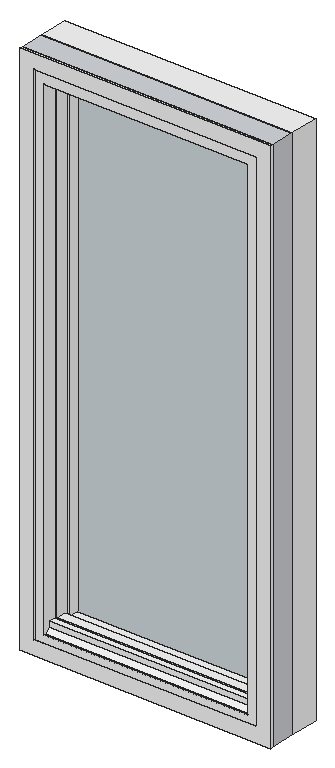
Revit family "085000 - Windows - Casement or Awning", category Generic Models, host Wall, Revit 2020
Family settings
  Host = Wall
  Can host rebar = No
  Round Connector Dimension = Use Diameter
  Part Type = Normal
  OmniClass Number = 23.30.20.17.21.14
  OmniClass Title = Casement Windows
  Always vertical = Yes
  Cut with Voids When Loaded = No
  Shared = No
  Room Calculation Point = No
Parameters (values of type "18x38")
  XPanelWidth = Width - 0' 0 31/32"  # 1' - 6 17/32"
  XPanelHeight = Height - 0' 1 1/8"  # 3' - 4 7/8"
  Width = 1' - 7 1/2"
  WS_Width_(SFT) = Width  # 1' - 7 1/2"
  WS_Height_(SFT) = Height  # 3' - 6"
  Visual Light Transmittance = 0.48  # constant formula
  Thermal Resistance (R) = 0.62871  # 3.5700 (h·ft²·°F)/BTU
  TFL = if(Fractional Lights High > 5, 3, if(or(Fractional Lights High = 4, Fractional Lights High = 5), 2, if(or(Fractional Lights High = 2, Fractional Lights High = 3), 1, 1)))  # 2
  TFB = TFL - 1  # 1
  Symbol_Casework_Visibility = yes
  Symbol_Awning_Visibility = no
  Solar Heat Gain Coefficient = 0.21  # constant formula
  Rough Width = Width + (Rough Opening Offset * 2)  # 1' - 8"
  Rough Height = Height + (Rough Opening Offset * 2)  # 3' - 6 1/2"
  Learn About These Parameters = "http://www.andersenwindows.com/for-professionals/cad-symbols-bim-support-window-doors/bim-support"
  LWide = if(Enter Pattern Number = 3, 3, if(Enter Pattern Number = 1, . . Lights Wide, Fractional Lights Wide))  # 1
  Height = 3' - 6"
  Heat Transfer Coefficient (U) = 1.5899  # constant formula
  Handing Visibility = if(and(Width > 4' 11 7/8", Height > 2' 7 1/2"), 0 = 1, 1 = 1)  # yes
  Glazing Material = INSULATED GLAZING
  Fractional Lights Wide = 3
  Fractional Lights High = 5
  Exterior Unit Finish = _DESIGN TRIM - WHITE
  Enter Jamb Condition = 2
  Default Elevation = 0' - 0"
  ..Jamb Condition Number 1 = "Extension Jamb Only"  # constant formula
  ..Jamb Condition Number 2 = "Narrow Drywall Return"  # constant formula
  ..Jamb Condition Number 3 = "Wide Drywall Return"  # constant formula
  Available Grille Bar Sizes = "3/4'', 7/8'', 1 1/8'', 2 1/4''"  # constant formula
  Between Glass Grille Bar Sizes = "3/4'', 1''"  # constant formula
  Interior Casing = yes
  Grille Bar Size = 0' - 0 7/8"
  Enter Pattern Number = 1
  ..Pattern Number 1 = "Colonial"  # constant formula
  . . Lights Wide = 1
  . . Lights High = 1
  ..Pattern Number 2 = "Modified Colonial"  # constant formula
  ..Pattern Number 3 = "Prairie"  # constant formula
  ..Pattern Number 4 = "Short Fractional"  # constant formula
  ..Pattern Number 5 = "Tall Fractional"  # constant formula
  Extension Jamb = yes
  Enter Exterior Trim Number = 0
  ..Exterior Trim Number 0 = "No Exterior Trim"  # constant formula
  ..Exterior Trim Number 1 = "Brick Mould"  # constant formula
  ..Exterior Trim Number 2 = "3 1/2'' Flat Casing"  # constant formula
  ..Exterior Trim Number 3 = "4 1/2'' Flat Casing"  # constant formula
  Interior Grille Bar = yes
  Exterior Grille Bar = yes
  Between Glass Grille Bar = yes
  xjamb Visibility [instance] = and(and(Enter Jamb Condition = 1, Wall Depth > 0' 2 7/8"), Extension Jamb)  # no
  xjamb S1 [instance] = if(Wall Depth > 0' 3", Wall Depth - 0' 2 27/32", 0' 3")  # 0' - 1 23/32"
  sill nose1 = 0' - 1 13/16"  # constant formula
  sill nose 2 = 0' - 1 15/16"  # constant formula
  casingS2 = if(Enter Exterior Trim Number = 1, 0' 0 3/16", 0' 0 3/16")  # 0' - 0 3/16"
  casingS1 = if(Enter Exterior Trim Number = 1, 0' 0 7/16", 0' 0 3/16")  # 0' - 0 3/16"
  casing4 = if(Enter Exterior Trim Number = 1, 0' 1 3/4", if(Enter Exterior Trim Number = 2, 0' 3 1/4", 0' 4 1/4"))  # 0' - 4 1/4"
  casing3 = 0' - 0 1/2"  # constant formula
  casing2 = 0' - 0 7/8"  # constant formula
  casing1 = 0' - 0 1/4"  # constant formula
  Xjamb 2 = if(or(Enter Jamb Condition = 2, Enter Jamb Condition = 3), 0' 0 1/32", 0' 0 1/2")  # 0' - 0 1/32"
  Xjamb 1 = if(or(Enter Jamb Condition = 2, Enter Jamb Condition = 3), 0' 0 5/8", 0' 1 3/32")  # 0' - 0 5/8"
  Wall Thickness [instance] = 0' - 6"
  Wall Depth [instance] = 0' - 4 9/16"
  Void Offset 2 = if(Enter Exterior Trim Number > 0, 0' 1 15/16", 0' 0")  # 0' - 0"
  Void Offset 1 = if(Enter Exterior Trim Number > 0, casing4, 0' 0")  # 0' - 0"
  Void Depth [instance] = if(Wall Thickness > Wall Depth, 0' 1" + Wall Thickness - Wall Depth, 0' 1")  # 0' - 2 7/16"
  VeriLock Sensor [instance] = no
  VGB DLO = if(Enter Pattern Number = 3, 0' 4", (H DLO - (Grille Bar Size * (V Bars))) / if(LWide > 2, LWide, 3))  # 0' - 4.41667"
  V Bars = if(Enter Pattern Number = 3, 2, if(LWide > 2, LWide - 1, 2))  # 2
  URL = "www.andersenwindows.com"
  Type Comments = "Vinyl-clad wood awning window"
  TS V DLO = Height - HGO - SGO  # 3' - 1 3/8"
  TS V Bar Length = if(or(Enter Pattern Number = 5, Enter Pattern Number = 2), ((((Height - HGO - SGO - (Grille Bar Size * (Fractional Lights High - 1))) / Fractional Lights High)) * TFL) + (TFB * Grille Bar Size), if(Enter Pattern Number = 4, ((Height - HGO - SGO - (Grille Bar Size * (Fractional Lights High - 1))) / Fractional Lights High), Height - HGO - SGO))  # 3' - 1 3/8"
  TS SH DLO = if(or(Enter Pattern Number = 5, Enter Pattern Number = 2), ((((Height - HGO - SGO - (Grille Bar Size * (Fractional Lights High - 1))) / Fractional Lights High)) * TFL) + (TFB * Grille Bar Size) + HGO + (Grille Bar Size / 2), if(Enter Pattern Number = 4, TS V Bar Length + HGO + (Grille Bar Size / 2), (TS V DLO / 2) + HGO))  # 1' - 9 1/16"
  TS S V = or(and(LWide = 2, Enter Pattern Number = 1), and(Fractional Lights Wide = 2, or(or(Enter Pattern Number = 2, Enter Pattern Number = 4), Enter Pattern Number = 5)))  # no
  TS S H Craftsman = and(Enter Pattern Number = 2, or(Fractional Lights High = 4, Fractional Lights High = 5))  # no
  TS S H = or(or(or(and(. . Lights High = 2, Enter Pattern Number = 1), and(Enter Pattern Number = 4, Fractional Lights High > 1)), and(Enter Pattern Number = 5, Fractional Lights High > 1)), and(Enter Pattern Number = 2, Fractional Lights High > 1))  # no
  TS M V = LWide > 2  # no
  TS M H = or(or(Enter Pattern Number = 3, and(. . Lights High > 2, Enter Pattern Number = 1)), and(Enter Pattern Number = 2, Fractional Lights High > 5))  # no
  TS HGB DLO = if(Enter Pattern Number = 1, if(. . Lights High > 2, ((TS V Bar Length - (Grille Bar Size * (. . Lights High - 1))) / . . Lights High), 0' 4"), if(Enter Pattern Number = 3, 0' 4", if(Fractional Lights High > 2, ((TS V Bar Length - (Grille Bar Size * 2)) / 3), 0' 4")))  # 0' - 4"
  TS H Bars = if(Enter Pattern Number = 3, 2, if(Enter Pattern Number = 1, if(. . Lights High > 2, . . Lights High - 1, 2), 2))  # 2
  Step Visibility = or(Enter Jamb Condition = 2, Enter Jamb Condition = 3)  # yes
  Step Jamb2 = if(Enter Jamb Condition = 2, 0' 0 1/4", 0' 0 13/16")  # 0' - 0 1/4"
  Step Jamb1 = 0' - 1 1/8"  # constant formula
  Sill Stop Dim [instance] = 0' - 2 1/2"
  SGO = 0' - 2 1/4"  # constant formula
  Rough Opening Offset = 0' - 0 1/4"
  Push Out Stop Visibility [instance] = no
  Product Documentation Link = "https://www.andersenwindows.com/windows-and-doors/windows/awning-windows/400-series-awning-window/"
  Plan Exterior Mask Visibility [instance] = Plan Exterior Mask 2 > 0' 0 1/32"  # yes
  Plan Exterior Mask 2 [instance] = if(Enter Exterior Trim Number > 0, if(Wall Depth + 0' 1 1/16" + casingS1 > Wall Thickness, 0' 0 1/32", Wall Thickness - Wall Depth - 0' 1 1/16" - casingS1), if(Wall Depth + 0' 1 1/16" > Wall Thickness, 0' 0 1/32", Wall Thickness - Wall Depth - 0' 0 1/16"))  # 0' - 1 3/8"
  Plan Exterior Mask [instance] = if(Enter Exterior Trim Number > 0, 0' 1 1/16" + casingS1, 0' 1 1/16")  # 0' - 1 1/16"
  Nail Fin Visibility = Enter Exterior Trim Number = 0  # yes
  Model = "400-Series Awning"  # constant formula
  Masonry Width = if(Enter Exterior Trim Number > 0, Width + ((casing4 + Masonry Opening Offset) * 2), Width + (Masonry Opening Offset * 2))  # 1' - 8"
  Masonry Opening Offset = 0' - 0 1/4"
  Masonry Height = if(Enter Exterior Trim Number > 0, Height + (casing4 + Masonry Opening Offset) + (sill nose 2 + Masonry Opening Offset), Height + (Masonry Opening Offset * 2))  # 3' - 6 1/2"
  Manufacturer = "Andersen Corporation"  # constant formula
  JGO = 0' - 2 1/4"  # constant formula
  Interior Trim Visibility = and(Enter Jamb Condition = 1, Interior Casing)  # no
  Interior Material = _DESIGN TRIM - WHITE
  Interior Casing Size = 0' - 2 1/4"
  Horizontal Craftsman Bar Size = 0' - 0 7/8"
  Head Stop Dim [instance] = 0' - 2 17/64"
  HGO = 0' - 2 3/8"  # constant formula
  H DLO = Width - (JGO * 2)  # 1' - 3"
  Family Version = "01.01.19"  # constant formula
  Exterior Trim Finish = _DESIGN TRIM - WHITE
  Designation = "CMT"
  Description = "Vinyl-clad wood awning window"  # constant formula
  Default Sill Height = 6' 10 1/2" - Rough Height  # 3' - 4"
  Wall Closure = By host
  Crank Out Stop Visibility [instance] = yes
  Coarse Plan [instance] = if(Wall Depth < Wall Thickness, Wall Depth, Wall Thickness)  # 0' - 4 9/16"
  Casing Visibility = Enter Exterior Trim Number > 0  # no
  Between Glass Grille Bar Finish = _DESIGN TRIM - WHITE
  Bar Center Line = if(Enter Pattern Number = 3, 1, 2)  # 2
  Assembly Code = "B2020100"
Reference planes (in)
  plane 1 "Center (Front/Back)": y = 0
  plane 2: z = 0
  plane 3 "Center (Left/Right)": x = 0
  plane 4 "R Frame": x = -9.75
  plane 5 "L Frame": x = 9.75
  plane 6 "B Frame": z = 40.25
  plane 7 "T Frame": z = 82.25
  plane 8 "L Glazing": x = 7.5
  plane 9 "L Ext Frame": x = 9.264
  plane 10 "L Stop": x = 7.75
  plane 11 "L Xjamb 1": x = 9.125
  plane 12 "L Casing 1": x = 9.5
  plane 13 "L Xjamb 2": x = 9.71875
  plane 14 "L Rough Opening": x = 10
  plane 15 "L Casing 2": x = 13.125
  plane 16 "L Casing 3": x = 13.5
  plane 17 "L Casing 4": x = 14
  plane 18 "R Glazing": x = -7.5
  plane 19 "R Ext Frame": x = -9.264
  plane 20 "R Stop": x = -7.75
  plane 21 "R Xjamb 1": x = -9.125
  plane 22 "R Casing 1": x = -9.5
  plane 23 "R Xjamb 2": x = -9.71875
  plane 24 "R Rough Opening": x = -10
  plane 25 "R Casing 2": x = -13.125
  plane 26 "R Casing 3": x = -13.5
  plane 27 "R Casing 4": x = -14
  plane 28 "R Int Casing": x = -11.375
  plane 29 "T Ext Frame": z = 81.68689
  plane 30 "T Xjamb 1": z = 81.625
  plane 31 "T Casing 1": z = 82
  plane 32 "T Xjamb 2": z = 82.21875
  plane 33 "T Rough Opening": z = 82.5
  plane 34 "T Casing 2": z = 85.625
  plane 35 "T Casing 3": z = 86
  plane 36 "T Casing 4": z = 86.5
  plane 37 "T Int Casing": z = 83.875
  plane 38 "B Ext Frame": z = 40.81311
  plane 39 "B Xjamb 2": z = 40.28125
  plane 40 "B Casing 1": z = 40.5
  plane 41 "B Casing 2": z = 38.3125
  plane 42 "B Int Casing": z = 38.985
  plane 43 "L Int Casing": x = 11.375
  plane 44 "Casing S1": y = 3.062
  plane 45 "Casing S2": y = 3.062
  plane 46 "Frame S1": y = 2.8745
  plane 47 "Flange": y = 1.5625
  plane 48 "Sash1 S2": y = 0.5625
  plane 49 "Frame S2": y = -1.2855
  plane 50 "B Xjamb 1": z = 41.235
  plane 51 "Exterior Offset": y = 4
  plane 52 "Interior Casing": y = -3.625
  plane 53 "B Rough Opening": z = 40
  plane 54 "R Masonry Opening": x = -14.25
  plane 55 "L Masonry Opening": x = 14.25
  plane 56 "T Masonry Opening": z = 86.75
  plane 57 "B Masonry Opening": z = 38.0625
  plane 58 "Xjamb S1": y = -1.28125
  plane 59 "R Sash": x = -9.17
  plane 60 "L Sash": x = 9.17
  plane 61 "Stop S1": y = -1.4375
  plane 62 "T Sash": z = 81.5
  plane 63 "T Int Frame": z = 81.14
  plane 64 "B Int Frame": z = 41.235
  plane 65 "L Int Frame": x = 8.641
  plane 66 "R Int Frame": x = -8.641
  plane 67 "T Stop": z = 79.98437
  plane 68 "B Stop": z = 42.75
  plane 69 "2": z = 34.735
  plane 70 "3": z = 61.25
Forms (in)
  Extrusion 1, void
    sketch origin (0, 0, 0) x (1, 0, 0) y (0, 0, 1)
      loop
        line (9.75, 82.25) -> (-9.75, 82.25) -> (-9.75, 40.25) -> (9.75, 40.25) -> (9.75, 82.25)
    from -1.5625 to 3
  Extrusion 2, void
    sketch origin (0, 0, 0) x (1, 0, 0) y (0, 0, 1)
      loop
        line (9.75, 82.25) -> (-9.75, 82.25) -> (-9.75, 40.25) -> (9.75, 40.25) -> (9.75, 82.25)
    from -15 to -1.5625
  Extrusion 3, solid, material "_DESIGN TRIM - WHITE" <- "Interior Material", visible <- "xjamb Visibility"
    sketch origin (0, -2.5625, 0) x (-1, 0, 0) y (0, 0, 1)
      loop
        line (9.71875, 82.21875) -> (-9.71875, 82.21875) -> (-9.71875, 40.28125) -> (9.71875, 40.28125) -> (9.71875, 82.21875)
      loop
        line (9.125, 81.625) -> (-9.125, 81.625) -> (-9.125, 41.235) -> (9.125, 41.235) -> (9.125, 81.625)
    from 1.28125 to -0.4375
  Extrusion 4, solid, material "_DESIGN TRIM - WHITE" <- "Interior Material", visible <- "Interior Trim Visibility"
    sketch origin (0, -3.625, 0) x (-1, 0, 0) y (0, 0, 1)
      loop
        line (11.375, 83.875) -> (-11.375, 83.875) -> (-11.375, 38.985) -> (11.375, 38.985) -> (11.375, 83.875)
      loop
        line (9.125, 81.625) -> (-9.125, 81.625) -> (-9.125, 41.235) -> (9.125, 41.235) -> (9.125, 81.625)
    from 0 to 0.625
  Extrusion 5, solid, material "_DESIGN TRIM - WHITE" <- "Exterior Trim Finish", visible <- "Casing Visibility"
    sketch origin (0, 0, 0) x (0, 1, 0) y (0, 0, 1)
      loop
        line (2.31163, 40.25) -> (1.5625, 40.25) -> (1.5625, 38.3125) -> (3.375, 38.3125) -> (3.375, 40.0625) -> (2.31163, 40.25)
    from -14 to 14
  Sweep 6, solid, material "_DESIGN TRIM - WHITE" <- "Exterior Trim Finish", visible <- "Casing Visibility"
    path origin (0, 1.5625, 0) x (-1, 0, 0) y (0, 0, 1)
      loop
        line (-14, 38.3125) -> (-14, 86.5) -> (14, 86.5) -> (14, 38.3125)
    profile origin (14, 1.5625, 62.40625) x (1, 0, 0) y (0, 1, 0)
      loop
        line (-0.875, 1.4995) -> (-4.5, 1.4995) -> (-4.5, 0) -> (0, 0) -> (0, 1.4995) -> (-0.5, 1.4995) -> (-0.875, 1.4995)
  Extrusion 7, solid, material "_DESIGN TRIM - WHITE" <- "Exterior Trim Finish", visible <- "Casing Visibility"
    sketch origin (0, 1.5625, 0) x (-1, 0, 0) y (0, 0, 1)
      loop
        line (-14, 86.5) -> (-14, 34.735) -> (14, 34.735) -> (14, 86.5) -> (-14, 86.5)
      loop
        line (-9.5, 82) -> (-9.5, 40.25) -> (9.5, 40.25) -> (9.5, 82) -> (-9.5, 82)
    from 0 to 1.4995
  Extrusion 8, solid, material "_DESIGN TRIM - WHITE" <- "Exterior Unit Finish"
    sketch origin (0, 0, 0) x (1, 0, 0) y (0, 0, 1)
      loop
        line (9.75, 82.25) -> (-9.75, 82.25) -> (-9.75, 40.25) -> (9.75, 40.25) -> (9.75, 82.25)
      loop
        line (9.264, 81.68689) -> (-9.264, 81.68689) -> (-9.264, 40.81311) -> (9.264, 40.81311) -> (9.264, 81.68689)
    from -2.8745 to -0.5625
  Extrusion 9, solid
    sketch origin (0, 0, 0) x (1, 0, 0) y (0, 0, 1)
      loop
        line (9.75, 82.25) -> (-9.75, 82.25) -> (-9.75, 40.25) -> (9.75, 40.25) -> (9.75, 82.25)
      loop
        line (8.641, 81.14) -> (-8.641, 81.14) -> (-8.641, 41.235) -> (8.641, 41.235) -> (8.641, 81.14)
    from -0.5625 to 1.2855
  Extrusion 10, solid, material "_DESIGN TRIM - WHITE" <- "Interior Material"
    sketch origin (0, 0, 0) x (0, 1, 0) y (0, 0, 1)
      loop
        line (-0.4375, 42.75) -> (-0.4375, 42.673) -> (-1.00544, 42.673) -> (-1.00544, 42.26216) -> (-1.2885, 41.922) -> (-1.4375, 41.922) -> (-1.4375, 41.235) -> (0.5625, 41.235) -> (0.5625, 42.47) -> (0.2955, 42.75) -> (-0.4375, 42.75)
    from -8.641 to 8.641
  Extrusion 11, solid, material "_DESIGN TRIM - WHITE" <- "Interior Material"
    sketch origin (0, 0, 0) x (1, 0, 0) y (0, 1, 0)
      loop
        line (-8.641, -1.4375) -> (-7.938, -1.4375) -> (-7.938, -0.4375) -> (-7.75, -0.4375) -> (-7.75, 0.5625) -> (-8.641, 0.5625) -> (-8.641, -1.4375)
      loop
        line (8.641, -1.4375) -> (8.641, 0.5625) -> (7.75, 0.5625) -> (7.75, -0.4375) -> (7.938, -0.4375) -> (7.938, -1.4375) -> (8.641, -1.4375)
    from 41.235 to 81.14
  Sweep 12, solid, material "_DESIGN TRIM - WHITE" <- "Interior Material"
    path origin (0, 1.5625, 0) x (-1, 0, 0) y (0, 0, 1)
      loop
        line (9.75, 40.25) -> (9.75, 82.25) -> (-9.75, 82.25) -> (-9.75, 40.25) -> (9.75, 40.25)
    profile origin (-9.75, 1.5625, 61.25) x (1, 0, 0) y (0, 1, 0)
      loop
        line (0, -2.848) -> (0, -3.098) -> (1.09375, -3.098) -> (1.09375, -2.848) -> (0, -2.848)
  Extrusion 13, solid, material "_DESIGN TRIM - WHITE" <- "Interior Material"
    sketch origin (0, 0, 0) x (0, 1, 0) y (0, 0, 1)
      loop
        line (-1.4375, 81.14) -> (-1.4375, 80.345) -> (-0.4375, 80.345) -> (-0.4375, 79.98437) -> (0.5625, 79.98437) -> (0.5625, 81.14) -> (-1.4375, 81.14)
    from -8.641 to 8.641
Cuts and joins
  joined: Extrusion 5, Sweep 6
  joined: Extrusion 10, Extrusion 11, Sweep 12, Extrusion 13
Lines and regions (in)
  symbolic lines, visible <- "Nail Fin Visibility", not visible, detail levels medium+fine
    curve 1: line (-35.18862, 120.69666, 0) -> (-36.68862, 120.69666, 0)
  symbolic lines, not visible, detail levels fine
    curve 2: line (-34.07962, 117.69666, 0) -> (-34.07962, 120.22366, 0)
    curve 3: line (-33.18862, 119.69666, 0) -> (-33.18862, 118.62916, 0)
    curve 4: line (-34.38115, 120.22366, 0) -> (-34.50674, 121.07166, 0)
    curve 5: line (-34.22246, 120.51466, 0) -> (-34.22246, 121.19666, 0)
    curve 6: line (-34.53058, 121.19666, 0) -> (-34.60862, 121.50966, 0)
    curve 7: line (-34.60862, 121.50966, 0) -> (-34.60862, 121.69666, 0)
    curve 8: line (-34.60862, 121.69666, 0) -> (-33.61676, 121.69666, 0)
    curve 9: line (-32.93862, 121.04466, 0) -> (-33.56362, 121.04466, 0)
    curve 10: line (-32.93862, 120.41866, 0) -> (-33.56362, 120.41866, 0)
    curve 11: line (-33.18862, 119.69666, 0) -> (-32.93862, 120.41866, 0)
    curve 12: line (-33.56362, 121.44666, 0) -> (-33.56362, 120.41866, 0)
    curve 13: line (-33.20744, 121.44666, 0) -> (-32.93862, 121.04466, 0)
    curve 14: line (-32.93862, 120.94866, 0) -> (-33.56362, 120.94866, 0)
    curve 15: line (-32.93862, 120.51466, 0) -> (-33.56362, 120.51466, 0)
    curve 16: line (-33.06337, 120.51466, 0) -> (-33.06337, 120.94866, 0)
    curve 17: line (-33.18862, 118.62916, 0) -> (-33.54862, 118.62916, 0)
    curve 18: line (-33.54862, 118.62916, 0) -> (-33.54862, 117.69666, 0)
    curve 19: line (-34.64338, 121.07166, 0) -> (-34.70262, 121.47166, 0)
    curve 20: line (-34.50674, 121.07166, 0) -> (-34.64338, 121.07166, 0)
    curve 21: line (-33.78862, 119.69666, 0) -> (-33.96362, 120.51466, 0)
    curve 22: line (-33.56362, 121.44666, 0) -> (-33.20744, 121.44666, 0)
    curve 23: line (-34.53058, 121.19666, 0) -> (-34.22246, 121.19666, 0)
    curve 24: line (-34.22246, 120.51466, 0) -> (-33.96362, 120.51466, 0)
    curve 25: line (-34.07962, 119.69666, 0) -> (-33.18862, 119.69666, 0)
    curve 26: line (-34.38115, 120.22366, 0) -> (-34.07962, 120.22366, 0)
    curve 27: line (-34.70262, 121.47166, 0) -> (-34.70262, 122.00866, 0)
    curve 28: line (-33.61676, 121.69666, 0) -> (-33.56362, 121.44666, 0)
    curve 42: line (0, 1.8145, 48.011) -> (0, 1.8145, 48.5)
    curve 43: line (0, 1.3805, 48.011) -> (0, 1.3805, 48.5)
    curve 44: line (0, 1.8145, 48.36456) -> (0, 1.3805, 48.36456)
    curve 77: line (0, 1.8145, 80.364) -> (0, 1.8145, 79.875)
    curve 78: line (0, 1.3805, 80.364) -> (0, 1.3805, 79.875)
    curve 79: line (0, 1.8145, 80.01044) -> (0, 1.3805, 80.01044)
  symbolic lines, visible <- "Nail Fin Visibility", not visible
    curve 29: line (0, 1.5625, 46.25) -> (0, 1.5625, 44.625)
    curve 83: line (0, 1.5625, 83.875) -> (0, 1.5625, 82.25)
  symbolic lines, not visible
    curve 30: line (0, 1.1115, 46.778) -> (0, 2.63553, 46.778)
    curve 31: line (0, 1.1115, 47.485) -> (0, 1.1115, 46.778)
    curve 32: line (0, -1.4375, 47.235) -> (0, -1.0925, 47.235)
    curve 33: line (0, -1.00544, 48.673) -> (0, -1.00544, 48.26216)
    curve 34: line (0, 2.0625, 47.311) -> (0, 1.2185, 47.311)
    curve 35: line (0, 0.5625, 47.702) -> (0, 0.5625, 48.47)
    curve 36: line (0, 1.2845, 48.011) -> (0, 2.2815, 48.011)
    curve 37: line (0, 1.2845, 48.5) -> (0, 1.2845, 48.011)
    curve 38: line (0, 2.5625, 47.958) -> (0, 2.5625, 46.874)
    curve 39: line (0, 2.5625, 46.874) -> (0, 2.3755, 46.874)
    curve 40: line (0, 2.0625, 47.03) -> (0, 2.0625, 47.311)
    curve 41: line (0, 1.2845, 48.5) -> (0, 0.5625, 48.375)
    curve 45: line (0, 2.2815, 48.011) -> (0, 2.2815, 48.24355)
    curve 46: line (0, 2.2815, 48.24355) -> (0, 1.9105, 48.4938)
    curve 47: line (0, 1.9105, 48.4938) -> (0, 1.9105, 48.011)
    curve 48: line (0, 2.5625, 47.958) -> (0, 2.2815, 48.011)
    curve 49: line (0, 2.3755, 46.874) -> (0, 2.0625, 47.03)
    curve 50: line (0, 1.2185, 47.311) -> (0, 1.2185, 47.5732)
    curve 51: line (0, 1.2185, 47.5732) -> (0, 0.5625, 47.702)
    curve 52: line (0, 2.63553, 46.68811) -> (0, 2.8745, 46.68811)
    curve 53: line (0, 2.63553, 46.68811) -> (0, 2.63553, 46.778)
    curve 54: line (0, 1.1115, 47.485) -> (0, -1.0925, 47.485)
    curve 55: line (0, -1.0925, 47.235) -> (0, -1.0925, 47.485)
    curve 56: line (0, -1.2885, 47.922) -> (0, -1.00544, 48.26216)
    curve 57: line (0, -1.2885, 47.922) -> (0, -1.4375, 47.922)
    curve 58: line (0, -1.00544, 48.673) -> (0, -0.4375, 48.673)
    curve 59: line (0, -0.4375, 48.673) -> (0, -0.4375, 48.75)
    curve 60: line (0, 0.2955, 48.75) -> (0, -0.4375, 48.75)
    curve 61: line (0, 0.5625, 48.47) -> (0, 0.2955, 48.75)
    curve 62: line (0, 0.5625, 48.377) -> (0, -0.4845, 48.377)
    curve 63: line (0, -0.7345, 48.189) -> (0, -0.7345, 47.485)
    curve 64: line (0, -0.7345, 48.189) -> (0, -0.4845, 48.377)
    curve 65: line (0, 1.1115, 81.597) -> (0, 2.63553, 81.597)
    curve 66: line (0, 1.1115, 80.89) -> (0, 1.1115, 81.597)
    curve 67: line (0, -1.4375, 81.14) -> (0, -1.0925, 81.14)
    curve 68: line (0, 0.5625, 79.984) -> (0, -0.4375, 79.984)
    curve 69: line (0, 2.0625, 81.064) -> (0, 1.2185, 81.064)
    curve 70: line (0, 0.5625, 80.89) -> (0, 0.5625, 79.984)
    curve 71: line (0, 1.2845, 80.364) -> (0, 2.2815, 80.364)
    curve 72: line (0, 1.2845, 79.875) -> (0, 1.2845, 80.364)
    curve 73: line (0, 2.5625, 80.417) -> (0, 2.5625, 81.501)
    curve 74: line (0, 2.5625, 81.501) -> (0, 2.3755, 81.501)
    curve 75: line (0, 2.0625, 81.345) -> (0, 2.0625, 81.064)
    curve 76: line (0, 1.2845, 79.875) -> (0, 0.5625, 80.065)
    curve 80: line (0, 2.2815, 80.364) -> (0, 2.2815, 80.13145)
    curve 81: line (0, 2.2815, 80.13145) -> (0, 1.9105, 79.8812)
    curve 82: line (0, 1.9105, 79.8812) -> (0, 1.9105, 80.364)
    curve 84: line (0, 2.5625, 80.417) -> (0, 2.2815, 80.364)
    curve 85: line (0, 2.3755, 81.501) -> (0, 2.0625, 81.345)
    curve 86: line (0, 1.2185, 81.064) -> (0, 1.2185, 80.8018)
    curve 87: line (0, 1.2185, 80.8018) -> (0, 0.5625, 80.673)
    curve 88: line (0, 2.63553, 81.68689) -> (0, 2.8745, 81.68689)
    curve 89: line (0, 2.63553, 81.68689) -> (0, 2.63553, 81.597)
    curve 90: line (0, 1.1115, 80.89) -> (0, -1.0925, 80.89)
    curve 91: line (0, -1.0925, 81.14) -> (0, -1.0925, 80.89)
    curve 92: line (0, -0.4375, 80.345) -> (0, -0.4375, 79.984)
    curve 93: line (0, -0.4375, 80.345) -> (0, -1.4375, 80.345)
  symbolic lines, style "GenericModel", visible <- "Symbol_Casework_Visibility"
    curve 94: line (-9.26725, 0, 81.68811) -> (9.264, 0, 61.25)
    curve 95: line (9.264, 0, 61.25) -> (-9.264, 0, 40.81311)
  symbolic lines, style "GenericModel", visible <- "Symbol_Awning_Visibility"
    curve 96: line (-0.00163, 0, 79.87561) -> (9.264, 0, 40.81311)
    curve 97: line (-0.00163, 0, 79.87561) -> (-7.51725, 0, 42.50061)
Text (in)
  text "EXTERIOR" at (-58.6888, 50.90694, 0), in view "Ref. Level"
  text "INTERIOR" at (-58.6888, -37.76638, 0), in view "Ref. Level"
  text "Exterior" at (0, 43.65631, 123.19604), in view "Left"
  text "Exterior" at (0, 18.29385, 125.04747), in view "Right"
Dimensions and locks (in)
  equal spacing: plane 4 "R Frame", plane 3 "Center (Left/Right)", plane 5 "L Frame"
  "Width": plane 4 "R Frame" to plane 5 "L Frame"
  "Height": plane 6 "B Frame" to plane 7 "T Frame"
  locked: plane 46 "Frame S1" to plane 47 "Flange" at 1.312
  locked: plane 47 "Flange" to plane 48 "Sash1 S2" at 1
  locked: plane 47 "Flange" to plane 49 "Frame S2" at 2.848
  "casingS2": plane 45 "Casing S2" to plane 46 "Frame S1"
  "casingS1": plane 44 "Casing S1" to plane 46 "Frame S1"
  "Xjamb 2": plane 32 "T Xjamb 2" to plane 7 "T Frame"
  "casing1": plane 31 "T Casing 1" to plane 7 "T Frame"
  "Xjamb 1": plane 30 "T Xjamb 1" to plane 7 "T Frame"
  plane 29 "T Ext Frame" to plane 7 "T Frame" = 0' - 0.56311"
  "Rough Opening Offset": plane 7 "T Frame" to plane 33 "T Rough Opening"
  "casing4": plane 7 "T Frame" to plane 36 "T Casing 4"
  "Xjamb 2": plane 6 "B Frame" to plane 39 "B Xjamb 2"
  locked: plane 6 "B Frame" to plane 40 "B Casing 1" at 0.25
  locked: plane 6 "B Frame" to plane 50 "B Xjamb 1" at 0.985
  locked: plane 6 "B Frame" to plane 38 "B Ext Frame" at 0.56311
  "sill nose 2": plane 41 "B Casing 2" to plane 6 "B Frame"
  "casing4": plane 5 "L Frame" to plane 17 "L Casing 4"
  "casing4": plane 27 "R Casing 4" to plane 4 "R Frame"
  "casing3": plane 35 "T Casing 3" to plane 36 "T Casing 4"
  "casing2": plane 34 "T Casing 2" to plane 36 "T Casing 4"
  "casing3": plane 27 "R Casing 4" to plane 26 "R Casing 3"
  "casing2": plane 27 "R Casing 4" to plane 25 "R Casing 2"
  "casing1": plane 4 "R Frame" to plane 22 "R Casing 1"
  "casing1": plane 12 "L Casing 1" to plane 5 "L Frame"
  "casing3": plane 16 "L Casing 3" to plane 17 "L Casing 4"
  "casing2": plane 15 "L Casing 2" to plane 17 "L Casing 4"
  locked: plane 51 "Exterior Offset" to host wall at 1
  "Void Offset 1": plane 7 "T Frame" to Extrusion 2 sketch curve
  "Void Offset 1": Extrusion 2 sketch curve to plane 4 "R Frame"
  "Void Offset 1": plane 5 "L Frame" to Extrusion 2 sketch curve
  "Void Offset 2": Extrusion 2 sketch curve to plane 6 "B Frame"
  "Interior Casing Size": plane 28 "R Int Casing" to plane 21 "R Xjamb 1"
  "Interior Casing Size": plane 11 "L Xjamb 1" to plane 43 "L Int Casing"
  "Interior Casing Size": plane 30 "T Xjamb 1" to plane 37 "T Int Casing"
  "Interior Casing Size": plane 42 "B Int Casing" to plane 50 "B Xjamb 1"
  "Xjamb 1": plane 4 "R Frame" to plane 21 "R Xjamb 1"
  locked: plane 4 "R Frame" to plane 20 "R Stop" at 2
  locked: plane 4 "R Frame" to plane 19 "R Ext Frame" at 0.486
  "JGO": plane 4 "R Frame" to plane 18 "R Glazing"
  locked: plane 10 "L Stop" to plane 5 "L Frame" at 2
  locked: plane 9 "L Ext Frame" to plane 5 "L Frame" at 0.486
  "JGO": plane 8 "L Glazing" to plane 5 "L Frame"
  "Xjamb 1": plane 11 "L Xjamb 1" to plane 5 "L Frame"
  "Wall Thickness": host wall to host wall
  locked: level to plane 7 "T Frame" at 82.25
  "Rough Opening Offset": plane 53 "B Rough Opening" to plane 6 "B Frame"
  "Masonry Opening Offset": plane 54 "R Masonry Opening" to plane 27 "R Casing 4"
  "Masonry Opening Offset": plane 17 "L Casing 4" to plane 55 "L Masonry Opening"
  "Masonry Opening Offset": plane 36 "T Casing 4" to plane 56 "T Masonry Opening"
  "Masonry Opening Offset": plane 57 "B Masonry Opening" to plane 41 "B Casing 2"
  "sill nose1": Extrusion 5 sketch curve to plane 47 "Flange"
  "Void Depth": plane 51 "Exterior Offset" to Extrusion 2
  "Wall Depth": host wall to plane 47 "Flange"
  locked: plane 52 "Interior Casing" to host wall at 0.625
  locked: Extrusion 2 to host wall at 12
  "Rough Opening Offset": plane 24 "R Rough Opening" to plane 4 "R Frame"
  "Rough Opening Offset": plane 5 "L Frame" to plane 14 "L Rough Opening"
  "Xjamb 2": plane 13 "L Xjamb 2" to plane 5 "L Frame"
  "Xjamb 2": plane 4 "R Frame" to plane 23 "R Xjamb 2"
  locked: plane 4 "R Frame" to plane 59 "R Sash" at 0.58
  locked: plane 60 "L Sash" to plane 5 "L Frame" at 0.58
  locked: plane 47 "Flange" to plane 61 "Stop S1" at 3
  locked: plane 62 "T Sash" to plane 7 "T Frame" at 0.75
  locked: plane 63 "T Int Frame" to plane 7 "T Frame" at 1.11
  locked: plane 6 "B Frame" to plane 64 "B Int Frame" at 0.985
  locked: plane 65 "L Int Frame" to plane 5 "L Frame" at 1.109
  locked: plane 4 "R Frame" to plane 66 "R Int Frame" at 1.109
  locked: Extrusion 11 sketch curve to plane 20 "R Stop" at 0.188
  locked: Extrusion 11 sketch curve to plane 61 "Stop S1" at 1  (x2)
  locked: plane 10 "L Stop" to Extrusion 11 sketch curve at 0.188
  host wall to Extrusion 11 = 0' - 1 7/16"
  locked: plane 4 "R Frame" to Sweep 12 sketch curve at 1.09375
  "Step Jamb2": plane 49 "Frame S2" to Sweep 12 sketch curve
  "xjamb S1": host wall to plane 58 "Xjamb S1"
  "Head Stop Dim": plane 67 "T Stop" to plane 7 "T Frame"
  "Sill Stop Dim": plane 6 "B Frame" to plane 68 "B Stop"
  locked: cut or joined group of Extrusion 10, Extrusion 11, Sweep 12, Extrusion 13 to Extrusion 10 sketch curve at 1.515
  locked: plane 48 "Sash1 S2" to Extrusion 10 sketch curve at 0.267
  locked: plane 48 "Sash1 S2" to Extrusion 10 sketch curve at 1
  locked: Extrusion 10 sketch curve to Extrusion 10 sketch curve at 0.077
  locked: Extrusion 10 sketch curve to Extrusion 10 sketch curve at 0.56794
  locked: Extrusion 10 sketch curve to Extrusion 10 sketch curve at 0.41084
  locked: Extrusion 10 sketch curve to Extrusion 10 sketch curve at 0.28306
  locked: Extrusion 10 sketch curve to Extrusion 10 sketch curve at 0.751
  locked: plane 48 "Sash1 S2" to Extrusion 10 sketch curve at 2
  locked: Extrusion 13 sketch curve to plane 63 "T Int Frame" at 0.795
  locked: Extrusion 13 sketch curve to plane 63 "T Int Frame" at 1.15563
  locked: plane 48 "Sash1 S2" to Extrusion 13 sketch curve at 1
  locked: Extrusion 5 sketch curve to plane 6 "B Frame" at 0.1875
  "casing4": plane 69 "2" to plane 42 "B Int Casing"
  equal spacing: plane 38 "B Ext Frame", plane 70 "3", plane 29 "T Ext Frame"
  locked: plane 40 "B Casing 1" to Extrusion 5 sketch curve (angle 10.00°)
  aligned and locked: level to plane 2
  aligned and locked: plane 7 "T Frame" to Extrusion 1 sketch curve
  aligned and locked: plane 5 "L Frame" to Extrusion 1 sketch curve
  aligned and locked: Extrusion 1 sketch curve to plane 4 "R Frame"
  aligned and locked: Extrusion 1 sketch curve to plane 6 "B Frame"
  aligned and locked: host wall to Extrusion 1
  aligned and locked: plane 47 "Flange" to Extrusion 1
  aligned and locked: plane 30 "T Xjamb 1" to Extrusion 3 sketch curve
  aligned and locked: plane 32 "T Xjamb 2" to Extrusion 3 sketch curve
  aligned and locked: Extrusion 3 sketch curve to plane 21 "R Xjamb 1"
  aligned and locked: Extrusion 3 sketch curve to plane 23 "R Xjamb 2"
  aligned and locked: plane 11 "L Xjamb 1" to Extrusion 3 sketch curve
  aligned and locked: plane 13 "L Xjamb 2" to Extrusion 3 sketch curve
  aligned and locked: Extrusion 3 sketch curve to plane 50 "B Xjamb 1"
  aligned and locked: Extrusion 3 sketch curve to plane 39 "B Xjamb 2"
  aligned and locked: plane 30 "T Xjamb 1" to Extrusion 4 sketch curve
  aligned and locked: plane 37 "T Int Casing" to Extrusion 4 sketch curve
  aligned and locked: Extrusion 4 sketch curve to plane 21 "R Xjamb 1"
  aligned and locked: Extrusion 4 sketch curve to plane 28 "R Int Casing"
  aligned and locked: plane 11 "L Xjamb 1" to Extrusion 4 sketch curve
  aligned and locked: plane 43 "L Int Casing" to Extrusion 4 sketch curve
  aligned and locked: Extrusion 4 sketch curve to plane 50 "B Xjamb 1"
  aligned and locked: Extrusion 4 sketch curve to plane 42 "B Int Casing"
  aligned and locked: Extrusion 4 to host wall
  aligned and locked: Extrusion 4 to plane 52 "Interior Casing"
  aligned and locked: plane 41 "B Casing 2" to Extrusion 5 sketch curve
  aligned and locked: plane 41 "B Casing 2" to Sweep 6 sketch curve  (x2)
  aligned and locked: plane 17 "L Casing 4" to Sweep 6 sketch curve  (x2)
  aligned and locked: Sweep 6 sketch curve to plane 27 "R Casing 4"
  aligned and locked: plane 36 "T Casing 4" to Sweep 6 sketch curve
  aligned and locked: plane 16 "L Casing 3" to Sweep 6 sketch curve
  aligned and locked: plane 45 "Casing S2" to Sweep 6 sketch curve
  aligned and locked: Sweep 6 sketch curve to plane 44 "Casing S1"
  aligned and locked: plane 47 "Flange" to Sweep 6 sketch curve
  aligned and locked: Sweep 6 sketch curve to plane 12 "L Casing 1"
  aligned and locked: Sweep 6 sketch curve to plane 45 "Casing S2"
  aligned and locked: plane 15 "L Casing 2" to Sweep 6 sketch curve
  aligned and locked: Extrusion 5 to plane 17 "L Casing 4"
  aligned and locked: plane 27 "R Casing 4" to Extrusion 5
  aligned and locked: plane 31 "T Casing 1" to Extrusion 7 sketch curve
  aligned and locked: plane 36 "T Casing 4" to Extrusion 7 sketch curve
  aligned and locked: plane 12 "L Casing 1" to Extrusion 7 sketch curve
  aligned and locked: plane 17 "L Casing 4" to Extrusion 7 sketch curve
  aligned and locked: Extrusion 7 sketch curve to plane 22 "R Casing 1"
  aligned and locked: Extrusion 7 sketch curve to plane 27 "R Casing 4"
  aligned and locked: plane 44 "Casing S1" to Extrusion 7
  aligned and locked: plane 47 "Flange" to Extrusion 7
  aligned and locked: Extrusion 5 sketch curve to plane 47 "Flange"
  aligned and locked: plane 7 "T Frame" to Extrusion 8 sketch curve
  aligned and locked: Extrusion 8 sketch curve to plane 4 "R Frame"
  aligned and locked: Extrusion 8 sketch curve to plane 6 "B Frame"
  aligned and locked: plane 5 "L Frame" to Extrusion 8 sketch curve
  aligned and locked: plane 29 "T Ext Frame" to Extrusion 8 sketch curve
  aligned and locked: Extrusion 8 sketch curve to plane 19 "R Ext Frame"
  aligned and locked: plane 9 "L Ext Frame" to Extrusion 8 sketch curve
  aligned and locked: Extrusion 8 sketch curve to plane 38 "B Ext Frame"
  aligned and locked: plane 46 "Frame S1" to Extrusion 8
  aligned and locked: Extrusion 8 to plane 48 "Sash1 S2"
  aligned and locked: plane 63 "T Int Frame" to Extrusion 9 sketch curve
  aligned and locked: plane 65 "L Int Frame" to Extrusion 9 sketch curve
  aligned and locked: Extrusion 9 sketch curve to plane 66 "R Int Frame"
  aligned and locked: Extrusion 9 sketch curve to plane 64 "B Int Frame"
  aligned and locked: Extrusion 9 sketch curve to plane 6 "B Frame"
  aligned and locked: Extrusion 9 sketch curve to plane 4 "R Frame"
  aligned and locked: plane 7 "T Frame" to Extrusion 9 sketch curve
  aligned and locked: plane 5 "L Frame" to Extrusion 9 sketch curve
  aligned and locked: plane 48 "Sash1 S2" to Extrusion 9
  aligned and locked: Extrusion 9 to plane 49 "Frame S2"
  aligned and locked: plane 66 "R Int Frame" to Extrusion 10
  aligned and locked: Extrusion 10 to plane 65 "L Int Frame"
  aligned and locked: Extrusion 11 sketch curve to plane 48 "Sash1 S2"
  aligned and locked: Extrusion 11 sketch curve to plane 66 "R Int Frame"
  aligned and locked: plane 61 "Stop S1" to Extrusion 11 sketch curve
  aligned and locked: plane 20 "R Stop" to Extrusion 11 sketch curve
  aligned and locked: plane 10 "L Stop" to Extrusion 11 sketch curve
  aligned and locked: plane 48 "Sash1 S2" to Extrusion 11 sketch curve
  aligned and locked: Extrusion 11 sketch curve to plane 65 "L Int Frame"
  aligned and locked: Extrusion 11 sketch curve to plane 61 "Stop S1"
  aligned and locked: plane 64 "B Int Frame" to Extrusion 11
  aligned and locked: Extrusion 11 to plane 63 "T Int Frame"
  aligned and locked: plane 7 "T Frame" to Sweep 12 sketch curve
  aligned and locked: plane 5 "L Frame" to Sweep 12 sketch curve
  aligned and locked: Sweep 12 sketch curve to plane 6 "B Frame"
  aligned and locked: Sweep 12 sketch curve to plane 4 "R Frame"
  aligned and locked: Sweep 12 sketch curve to plane 49 "Frame S2"
  aligned and locked: plane 58 "Xjamb S1" to Extrusion 3
  aligned and locked: host wall to Extrusion 3
  aligned and locked: plane 48 "Sash1 S2" to Extrusion 10 sketch curve
  aligned and locked: plane 64 "B Int Frame" to Extrusion 10 sketch curve
  aligned and locked: Extrusion 13 sketch curve to plane 63 "T Int Frame"
  aligned and locked: plane 48 "Sash1 S2" to Extrusion 13 sketch curve
  aligned and locked: Extrusion 13 sketch curve to plane 61 "Stop S1"
  aligned and locked: Extrusion 13 to plane 65 "L Int Frame"
  aligned and locked: plane 66 "R Int Frame" to Extrusion 13
  aligned and locked: Extrusion 5 sketch curve to plane 6 "B Frame"
  aligned and locked: Extrusion 7 sketch curve to plane 6 "B Frame"
  aligned and locked: plane 38 "B Ext Frame" to nested 1
  aligned and locked: plane 9 "L Ext Frame" to nested 1
  aligned and locked: nested 1 to plane 48 "Sash1 S2"
  aligned and locked: Extrusion 7 sketch curve to plane 69 "2"
Automatic sketch dimensions
  Sweep 12 sketch curve to profile plane = 0' - 0"
  curve 19 to curve 19 = 0' - 0.05924"
  curve 19 to curve 7 = 0' - 0.094"
  curve 19 to curve 6 = 0' - 0.1128"
  curve 6 to curve 4 = 0' - 0.02383"
  curve 4 to curve 4 = 0' - 0.12559"
  curve 6 to curve 23 = 0' - 0.30812"
  curve 4 to curve 26 = 0' - 0.30153"
  curve 5 to curve 21 = 0' - 0.25884"
  curve 5 to curve 8 = 0' - 0.6057"
  curve 21 to curve 10 = 0' - 0.4"
  curve 2 to curve 17 = 0' - 0.531"
  curve 17 to curve 17 = 0' - 0.36"
  curve 9 to curve 9 = 0' - 0 5/8"
  curve 10 to curve 10 = 0' - 0 5/8"
  curve 1 to curve 19 = 0' - 2.04524"
  curve 1 to curve 19 = 0' - 0.54524"
  curve 25 to curve 21 = 0' - 0.291"
  curve 12 to curve 13 = 0' - 0.35617"
  curve 16 to curve 9 = 0' - 0.12475"
  curve 15 to curve 10 = 0' - 0"
  curve 14 to curve 9 = 0' - 0"
  curve 3 to curve 25 = 0' - 1.0675"
  curve 25 to curve 26 = 0' - 0.527"
  curve 3 to curve 11 = 0' - 0.722"
  curve 2 to curve 21 = 0' - 0.291"
  curve 10 to curve 9 = 0' - 0.626"
  curve 5 to curve 20 = 0' - 0.557"
  curve 4 to curve 23 = 0' - 0 1/8"
  curve 9 to curve 28 = 0' - 0.402"
  curve 6 to curve 19 = 0' - 0.275"
  curve 19 to curve 6 = 0' - 0.038"
  curve 12 to curve 28 = 0' - 0 1/4"
  curve 18 to curve 17 = 0' - 0.9325"
  curve 2 to curve 18 = 0' - 0"
  curve 10 to curve 15 = 0' - 0.096"
  curve 1 to curve 19 = 0' - 0 3/8"
  curve 14 to curve 9 = 0' - 0.096"
  curve 7 to curve 27 = 0' - 0.312"
  curve 56 to curve 32 = 0' - 0.196"
  curve 56 to curve 58 = 0' - 0.28306"
  curve 33 to curve 64 = 0' - 0.27094"
  curve 33 to curve 59 = 0' - 0.56794"
  curve 59 to curve 60 = 0' - 0.733"
  curve 60 to curve 61 = 0' - 0.267"
  curve 35 to curve 54 = 0' - 0.549"
  curve 31 to curve 50 = 0' - 0.107"
  curve 50 to curve 37 = 0' - 0.066"
  curve 37 to curve 47 = 0' - 0.626"
  curve 34 to curve 40 = 0' - 0.844"
  curve 47 to curve 45 = 0' - 0.371"
  curve 40 to curve 39 = 0' - 0.313"
  curve 39 to curve 39 = 0' - 0.187"
  curve 38 to curve 53 = 0' - 0.07303"
  curve 57 to curve 56 = 0' - 0.149"
  curve 32 to curve 32 = 0' - 0.345"
  curve 64 to curve 58 = 0' - 0.047"
  curve 37 to curve 44 = 0' - 0.096"
  curve 30 to curve 29 = 0' - 0.451"
  curve 42 to curve 47 = 0' - 0.096"
  curve 52 to curve 52 = 0' - 0.23897"
  curve 52 to curve 30 = 0' - 0.08989"
  curve 30 to curve 39 = 0' - 0.096"
  curve 39 to curve 49 = 0' - 0.156"
  curve 30 to curve 32 = 0' - 0.457"
  curve 40 to curve 34 = 0' - 0.281"
  curve 34 to curve 54 = 0' - 0.174"
  curve 31 to curve 51 = 0' - 0.0882"
  curve 31 to curve 35 = 0' - 0.217"
  curve 54 to curve 56 = 0' - 0.437"
  curve 34 to curve 48 = 0' - 0.647"
  curve 50 to curve 36 = 0' - 0.4378"
  curve 56 to curve 64 = 0' - 0.267"
  curve 36 to curve 46 = 0' - 0.23255"
  curve 63 to curve 33 = 0' - 0.07316"
  curve 35 to curve 35 = 0' - 0.768"
  curve 45 to curve 46 = 0' - 0.25024"
  curve 36 to curve 41 = 0' - 0.489"
  curve 63 to curve 59 = 0' - 0.484"
  curve 35 to curve 60 = 0' - 0.28"
  curve 29 to curve 30 = 0' - 2.153"
  curve 29 to curve 30 = 0' - 0.528"
  curve 44 to curve 37 = 0' - 0.13544"
  curve 41 to curve 35 = 0' - 0.095"
  curve 62 to curve 58 = 0' - 0.296"
  curve 46 to curve 42 = 0' - 0.0062"
  curve 37 to curve 43 = 0' - 0"
  curve 90 to curve 92 = 0' - 0.655"
  curve 92 to curve 65 = 0' - 1.549"
  curve 66 to curve 86 = 0' - 0.107"
  curve 86 to curve 72 = 0' - 0.066"
  curve 72 to curve 81 = 0' - 0.626"
  curve 69 to curve 85 = 0' - 0.844"
  curve 82 to curve 71 = 0' - 0.371"
  curve 75 to curve 74 = 0' - 0.313"
  curve 74 to curve 73 = 0' - 0.187"
  curve 73 to curve 89 = 0' - 0.07303"
  curve 93 to curve 90 = 0' - 0.345"
  curve 67 to curve 67 = 0' - 0.345"
  curve 87 to curve 66 = 0' - 0.549"
  curve 71 to curve 78 = 0' - 0.096"
  curve 65 to curve 83 = 0' - 0.451"
  curve 79 to curve 81 = 0' - 0.096"
  curve 88 to curve 88 = 0' - 0.23897"
  curve 72 to curve 82 = 0' - 0.0062"
  curve 72 to curve 92 = 0' - 0.109"
  curve 81 to curve 80 = 0' - 0.25024"
  curve 68 to curve 92 = 0' - 0.361"
  curve 80 to curve 80 = 0' - 0.23255"
  curve 71 to curve 84 = 0' - 0.053"
  curve 71 to curve 86 = 0' - 0.4378"
  curve 93 to curve 90 = 0' - 0.545"
  curve 66 to curve 69 = 0' - 0.174"
  curve 90 to curve 67 = 0' - 0 1/4"
  curve 69 to curve 75 = 0' - 0.281"
  curve 75 to curve 74 = 0' - 0.156"
  curve 69 to curve 65 = 0' - 0.533"
  curve 65 to curve 89 = 0' - 0.08989"
  curve 77 to curve 81 = 0' - 0.0062"
  curve 72 to curve 78 = 0' - 0"
  curve 77 to curve 79 = 0' - 0.13544"
  curve 68 to curve 76 = 0' - 0.081"
  curve 87 to curve 70 = 0' - 0.217"
  curve 65 to curve 83 = 0' - 0.653"
  curve 83 to curve 83 = 0' - 1 5/8"
  plane 68 "B Stop" to Extrusion 10 sketch curve = 0' - 0.28"
  plane 19 "R Ext Frame" to curve 95 = 0' - 0"
  plane 9 "L Ext Frame" to curve 96 = 0' - 0"
  plane 9 "L Ext Frame" to curve 95 = 0' - 0"
  curve 96 to plane 38 "B Ext Frame" = 0' - 0"
  curve 95 to plane 38 "B Ext Frame" = 0' - 0"
  curve 95 to plane 70 "3" = 0' - 0"
  curve 96 to plane 3 "Center (Left/Right)" = 0' - 0.00163"
  plane 67 "T Stop" to curve 97 = 0' - 0.10877"
  curve 94 to plane 29 "T Ext Frame" = 0' - 0.00122"
  plane 19 "R Ext Frame" to curve 94 = 0' - 0.00325"
  plane 18 "R Glazing" to curve 97 = 0' - 0.01725"
  plane 68 "B Stop" to curve 97 = 0' - 0.24939"
Nested families (in)
  nested 1: "Andersen_Sash_Panel" at (9.264, 2.5625, 40.81311) x (-1, 0, 0) z (0, 0, 1), type "Andersen_Sash_Panel"
    with Material_Top_Setback 0' - 0 1/32", Material_Right_Setback 0' - 0 1/32", Material_Left_Setback 0' - 0 1/32", Material_Bottom_Setback 0' - 0 1/32", SingleVertLocation 0' - 7 33/64", SingleHorzLocation 1' - 6 11/16", Panel_Width 1' - 6 17/32", Panel_Height 3' - 4 7/8", MultipleVertBar Visibility no, MultipleHorBarVisibility no, LightsWide 1, LightsHigh 1, DLOVertical 0' - 4", DLOHorizontal 0' - 4.42708", BottomBarLocation 1' - 6 1/4", BarLengthVertical 3' - 1 3/8", BarLengthHorizontal 1' - 3 1/32", - Lights Wide 1, - Lights High 1
Definition of nested family "Andersen_Sash_Panel"
  Parameters (values of type "Andersen_Sash_Panel")
    VertBarQuantity = if(LightsWide < 3, 2, LightsWide - 1)  # 2
    TFL = if(Fractional_Lights_High > 5, 3, if(or(Fractional_Lights_High = 4, Fractional_Lights_High = 5), 2, if(or(Fractional_Lights_High = 2, Fractional_Lights_High = 3), 1, 1)))  # 2
    TFB = TFL - 1  # 1
    Stile_Right = 0' - 1 3/4"
    Stile_Left = 0' - 1 3/4"
    StandardLightsHigh = 3
    SingleVertLocation = (Panel_Width - Stile_Right - Stile_Left) / 2  # 1' - 3 49/64"
    SingleVertBarVisibility = LightsWide = 2  # no
    SingleHorzLocation = (BarLengthVertical) / 2  # 0' - 9 11/16"
    SingleHorBarVisibility = or(or(or(and(LightsHigh = 2, PatternNumber = 1), and(PatternNumber = 4, Fractional_Lights_High > 1)), and(PatternNumber = 5, Fractional_Lights_High > 1)), and(PatternNumber = 2, Fractional_Lights_High > 1))  # no
    S H Fractional = and(PatternNumber = 2, or(Fractional_Lights_High = 4, Fractional_Lights_High = 5))  # no
    Rail_Top = 0' - 1 13/16"
    Rail_Bottom = 0' - 1 11/16"
    PatternNumber = 1
    Panel_Width = 2' - 11 1/32"
    Panel_Thickness = 0' - 2"
    Panel_Height = 1' - 10 7/8"
    MultipleVertBar Visibility = and(not(PatternNumber = 0), LightsWide > 2)  # yes
    MultipleHorBarVisibility = or(or(PatternNumber = 3, and(LightsHigh > 2, PatternNumber = 1)), and(PatternNumber = 2, Fractional_Lights_High > 5))  # yes
    Material_Top_Setback [instance] = 0' - 0 1/32"
    Material_Right_Setback [instance] = 0' - 0 1/32"
    Material_Left_Setback [instance] = 0' - 0 1/32"
    Material_Interior = none
    Material_Exterior = none
    Material_Bottom_Setback [instance] = 0' - 0 1/32"
    LightsWide = if(PatternNumber = 3, 3, [- Lights Wide])  # 3
    LightsHigh = if(PatternNumber = 2, [- Lights High] - 1, if(PatternNumber = 3, 3, [- Lights High]))  # 3
    Interior Bar Thickness = 0' - 0 23/64"
    HorBarQuantity = if(LightsHigh < 3, 2, LightsHigh - 1)  # 2
    GrilleBarSizeInt = 4
    GrilleBarSize = 0' - 0 7/8"
    Glazing = none
    Glass SetBack = 0' - 0 167/256"
    Glass Pane Thickness = 0' - 0 3/32"
    Glass OA Thickness = 0' - 0 5/8"
    Fractional_Lights_Wide = 3
    Fractional_Lights_High = 5
    Exterior Bar Thickness = 0' - 0 77/256"
    Default Elevation = 0' - 0"
    DLOVertical = if(PatternNumber = 1, if(LightsHigh > 2, ((BarLengthVertical - (GrilleBarSize * (LightsHigh - 1))) / LightsHigh), 0' 4"), if(PatternNumber = 3, 0' 4", if(Fractional_Lights_High > 2, ((BarLengthVertical - (GrilleBarSize * 2)) / 3), 0' 4")))  # 0' - 5 7/8"
    DLOHorizontal = if(PatternNumber = 3, 0' 4", ((Panel_Width - Stile_Right - Stile_Left) - (GrilleBarSize * VertBarQuantity)) / if(LightsWide > 2, LightsWide, 3))  # 0' - 9.92708"
    BottomBarVisibility = and(PatternNumber = 2, or(Fractional_Lights_High = 4, Fractional_Lights_High = 5))  # no
    BottomBarLocation = if(PatternNumber = 1, ((Panel_Height - Rail_Top - Rail_Bottom) / 2) - (GrilleBarSize / 2), BarLengthVertical)  # 0' - 9 1/4"
    Between Glass Grille Bar Color = none
    BarLengthVertical = if(or(PatternNumber = 5, PatternNumber = 2), ((((Panel_Height - Rail_Top - Rail_Bottom - (GrilleBarSize * (Fractional_Lights_High - 1))) / Fractional_Lights_High)) * TFL) + (TFB * GrilleBarSize) + Rail_Top, if(PatternNumber = 4, ((Panel_Height - Rail_Top - Rail_Bottom - (GrilleBarSize * (Fractional_Lights_High - 1))) / Fractional_Lights_High), Panel_Height - Rail_Top - Rail_Bottom))  # 1' - 7 3/8"
    BarLengthHorizontal = Panel_Width - Stile_Right - Stile_Left  # 2' - 7 17/32"
    BarIntVisibility = yes
    BarExtVisibility = yes
    BarBetweenGlassVisibility = yes
    - Lights Wide = 3
    - Lights High = 3
  Reference planes (in)
    plane 1 "Front": y = 0
    plane 2 "Bottom": z = 0
    plane 3 "Left": x = 0
    plane 4 "Top": z = 22.875
    plane 5 "Right": x = 35.03125
    plane 6 "Glazing Left": x = 1.75
    plane 7 "Glazing Bottom": z = 1.6875
    plane 8 "Glazing Right": x = 33.28125
    plane 9 "Glazing Top": z = 21.0625
    plane 10 "GlazingA": y = 0.65234
    plane 11 "GlazingB": y = 1.27734
    plane 12 "Back": y = 2
    plane 13: z = 1.6875
  Forms (in)
    Extrusion 1, solid, material <- "Material_Interior"
      sketch origin (0, 0, 0) x (1, 0, 0) y (0, 0, 1)
        loop
          line (0, 22.875) -> (0, 0) -> (35.03125, 0) -> (35.03125, 22.875) -> (0, 22.875)
        loop
          line (1.75, 21.0625) -> (1.75, 1.6875) -> (33.28125, 1.6875) -> (33.28125, 21.0625) -> (1.75, 21.0625)
      from -2 to 0
    Extrusion 2, solid, material <- "Glazing"
      sketch origin (0, 0, 0) x (1, 0, 0) y (0, 0, 1)
        loop
          line (1.75, 21.0625) -> (1.75, 1.6875) -> (33.28125, 1.6875) -> (33.28125, 21.0625) -> (1.75, 21.0625)
      from -1.27734 to -0.65234
  Lines and regions (in)
    Split face 1
      outline origin (0, 0, 22.875) x (1, 0, 0) y (0, 1, 0)
        loop
          line (0, 0.03125) -> (35.03125, 0.03125)
    Split face 2
      outline origin (35.03125, 0, 22.875) x (0, 0, -1) y (0, 1, 0)
        loop
          line (0, 0.03125) -> (22.875, 0.03125)
    Split face 3
      outline origin (0, 0, 0) x (0, 0, 1) y (0, 1, 0)
        loop
          line (22.875, 0.03125) -> (0, 0.03125)
    Split face 4
      outline origin (35.03125, 0, 0) x (0, 1, 0) y (-1, 0, 0)
        loop
          line (0.03125, 35.03125) -> (0.03125, 0)
    Split face 5
      outline origin (33.28125, 0.27734, 1.6875) x (-1, 0, 0) y (0, -1, 0)
        loop
          line (31.53125, -0.375) -> (0, -0.375)
        loop
          line (31.53125, -1) -> (0, -1)
    Split face 6
      outline origin (1.75, 0, 1.6875) x (0, 0, 1) y (0, -1, 0)
        loop
          line (0, -0.65234) -> (19.375, -0.65234)
        loop
          line (19.375, -1.27734) -> (0, -1.27734)
    Split face 7
      outline origin (33.28125, 0, 21.0625) x (0, 0, -1) y (0, -1, 0)
        loop
          line (19.375, -0.65234) -> (0, -0.65234)
        loop
          line (0, -1.27734) -> (19.375, -1.27734)
    Split face 8
      outline origin (1.75, 0, 21.0625) x (0, -1, 0) y (1, 0, 0)
        loop
          line (-0.65234, 0) -> (-0.65234, 31.53125)
        loop
          line (-1.27734, 0) -> (-1.27734, 31.53125)
    symbolic lines, detail levels medium+fine
      curve 1: line (1.75, 0.65234, 0) -> (33.28125, 0.65234, 0)
      curve 2: line (1.75, 1.27734, 0) -> (33.28125, 1.27734, 0)
    symbolic lines
      curve 3: line (0, 0.65234, 21.0625) -> (0, 0.65234, 1.6875)
      curve 4: line (0, 1.27734, 21.0625) -> (0, 1.27734, 1.6875)
    symbolic lines, detail levels fine
      curve 5: line (1.75, 0.74609, 0) -> (33.28125, 0.74609, 0)
      curve 6: line (1.75, 1.18359, 0) -> (33.28125, 1.18359, 0)
      curve 7: line (0, 1.18359, 21.0625) -> (0, 1.18359, 1.6875)
      curve 8: line (0, 0.74609, 21.0625) -> (0, 0.74609, 1.6875)
    symbolic lines, detail levels medium
      curve 9: line (0, 2, 0) -> (1.75, 2, 0)
      curve 10: line (0, 0, 0) -> (0, 2, 0)
      curve 11: line (1.75, 0, 0) -> (0, 0, 0)
      curve 12: line (1.75, 2, 0) -> (1.75, 0, 0)
      curve 13: line (33.28125, 2, 0) -> (35.03125, 2, 0)
      curve 14: line (33.28125, 0, 0) -> (33.28125, 2, 0)
      curve 15: line (35.03125, 0, 0) -> (33.28125, 0, 0)
      curve 16: line (35.03125, 2, 0) -> (35.03125, 0, 0)
  Dimensions and locks (in)
    "Panel_Width": plane 5 "Right" to plane 3 "Left"
    "Panel_Height": plane 4 "Top" to plane 2 "Bottom"
    "Stile_Left": plane 6 "Glazing Left" to plane 3 "Left"
    "Stile_Right": plane 5 "Right" to plane 8 "Glazing Right"
    "Rail_Bottom": plane 7 "Glazing Bottom" to plane 2 "Bottom"
    "Rail_Top": plane 4 "Top" to plane 9 "Glazing Top"
    "Panel_Thickness": plane 1 "Front" to plane 12 "Back"
    "Material_Top_Setback": Extrusion 1 to Split face 1 sketch curve
    "Material_Right_Setback": Extrusion 1 to Split face 2 sketch curve
    "Material_Left_Setback": Split face 3 sketch curve to Extrusion 1
    "Material_Bottom_Setback": Extrusion 1 to Split face 4 sketch curve
    "BarLengthVertical": plane 9 "Glazing Top" to plane 13
    plane 8 "Glazing Right" to plane 6 "Glazing Left" = 2' - 7 17/32"
    group 1 to group 2 = 0' - 10.80208"
    group 1 to group 2 = 0' - 0"  (x2)
    "DLOHorizontal": nested 1 to plane 6 "Glazing Left"
    "DLOHorizontal": plane 8 "Glazing Right" to nested 2
    "Glass SetBack": plane 1 "Front" to plane 10 "GlazingA"
    "Glass Pane Thickness": curve 5 to plane 10 "GlazingA"
    "Glass OA Thickness": plane 11 "GlazingB" to plane 10 "GlazingA"
    "Glass Pane Thickness": plane 11 "GlazingB" to curve 6
    "Glass Pane Thickness": plane 11 "GlazingB" to curve 7
    "Glass Pane Thickness": curve 8 to plane 10 "GlazingA"
    "SingleVertLocation": nested 3 to plane 6 "Glazing Left"
    group 3 to group 4 = 0' - 0"  (x2)
    group 3 to group 4 = 0' - 6 3/4"
    "DLOVertical": plane 9 "Glazing Top" to nested 6
    "DLOVertical": nested 5 to plane 13
    equal spacing: plane 9 "Glazing Top", nested 7, nested 4
    "BottomBarLocation": plane 9 "Glazing Top" to nested 4
    aligned and locked: plane 2 "Bottom" to level
    aligned and locked: Extrusion 1 sketch curve to plane 4 "Top"
    aligned and locked: Extrusion 1 sketch curve to plane 9 "Glazing Top"
    aligned and locked: Extrusion 1 sketch curve to plane 5 "Right"
    aligned and locked: Extrusion 1 sketch curve to plane 8 "Glazing Right"
    aligned and locked: plane 2 "Bottom" to Extrusion 1 sketch curve
    aligned and locked: plane 7 "Glazing Bottom" to Extrusion 1 sketch curve
    aligned and locked: plane 3 "Left" to Extrusion 1 sketch curve
    aligned and locked: plane 6 "Glazing Left" to Extrusion 1 sketch curve
    aligned and locked: plane 12 "Back" to Extrusion 1
    aligned and locked: plane 1 "Front" to Extrusion 1
    aligned and locked: Extrusion 2 sketch curve to plane 9 "Glazing Top"
    aligned and locked: Extrusion 2 sketch curve to plane 8 "Glazing Right"
    aligned and locked: plane 7 "Glazing Bottom" to Extrusion 2 sketch curve
    aligned and locked: plane 6 "Glazing Left" to Extrusion 2 sketch curve
    aligned and locked: plane 11 "GlazingB" to Extrusion 2
    aligned and locked: Extrusion 2 to plane 10 "GlazingA"
    aligned and locked: Split face 5 sketch curve to plane 10 "GlazingA"
    aligned and locked: Split face 5 sketch curve to plane 11 "GlazingB"
    aligned and locked: Split face 6 sketch curve to plane 10 "GlazingA"
    aligned and locked: plane 11 "GlazingB" to Split face 6 sketch curve
    aligned and locked: Split face 7 sketch curve to plane 10 "GlazingA"
    aligned and locked: plane 11 "GlazingB" to Split face 7 sketch curve
    aligned and locked: Split face 8 sketch curve to plane 10 "GlazingA"
    aligned and locked: Split face 8 sketch curve to plane 11 "GlazingB"
    aligned and locked: curve 2 to plane 11 "GlazingB"
    aligned and locked: plane 7 "Glazing Bottom" to curve 3
    aligned and locked: plane 10 "GlazingA" to curve 3
    aligned and locked: plane 9 "Glazing Top" to curve 4
    aligned and locked: plane 11 "GlazingB" to curve 4
    aligned and locked: plane 6 "Glazing Left" to curve 6
    aligned and locked: plane 8 "Glazing Right" to curve 6
    aligned and locked: Split face 5 to plane 10 "GlazingA"
    aligned and locked: plane 9 "Glazing Top" to nested 1
    aligned and locked: plane 9 "Glazing Top" to nested 2
    aligned and locked: curve 13 to plane 12 "Back"
    aligned and locked: curve 16 to plane 5 "Right"
    aligned and locked: plane 8 "Glazing Right" to curve 14
    aligned and locked: curve 15 to plane 1 "Front"
    aligned and locked: curve 12 to plane 6 "Glazing Left"
    aligned and locked: plane 3 "Left" to curve 10
    aligned and locked: curve 11 to plane 1 "Front"
    aligned and locked: curve 9 to plane 12 "Back"
    aligned and locked: plane 9 "Glazing Top" to nested 3
    aligned and locked: plane 6 "Glazing Left" to nested 4
    aligned and locked: nested 6 to plane 6 "Glazing Left"
    aligned and locked: nested 5 to plane 6 "Glazing Left"
    aligned and locked: plane 6 "Glazing Left" to nested 7
  Automatic sketch dimensions
    Split face 1 sketch curve to Extrusion 1 = 0' - 0"  (x2)
    Split face 2 sketch curve to Extrusion 1 = 0' - 0"
    Extrusion 1 to Split face 2 sketch curve = 0' - 0"
    Extrusion 1 to Split face 3 sketch curve = 0' - 0"
    Split face 3 sketch curve to Extrusion 1 = 0' - 0"
    Split face 4 sketch curve to Extrusion 1 = 0' - 0"  (x2)
    Split face 5 sketch curve to Extrusion 1 = 0' - 0"  (x4)
    Split face 6 sketch curve to Extrusion 1 = 0' - 0"  (x2)
    Extrusion 1 to Split face 6 sketch curve = 0' - 0"  (x2)
    Extrusion 1 to Split face 7 sketch curve = 0' - 0"  (x2)
    Split face 7 sketch curve to Extrusion 1 = 0' - 0"  (x2)
    Split face 8 sketch curve to Extrusion 1 = 0' - 0"  (x4)
    curve 1 to plane 10 "GlazingA" = 0' - 0"
    curve 7 to plane 9 "Glazing Top" = 0' - 0"
    curve 3 to plane 9 "Glazing Top" = 0' - 0"
    curve 8 to plane 9 "Glazing Top" = 0' - 0"
